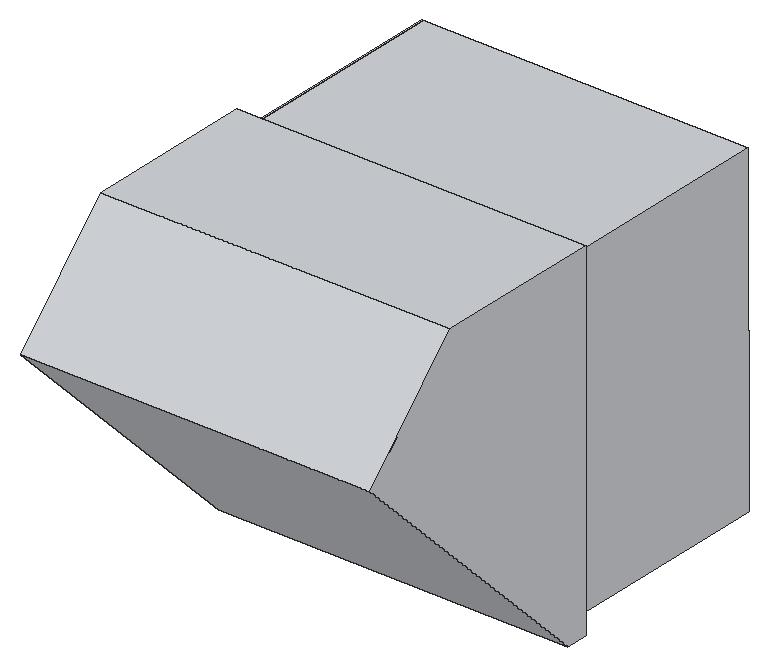
Revit family "APD", category Mechanical Equipment, Revit 2019
Family settings
  Round Connector Dimension = Use Diameter
  Part Type = Normal
  Work Plane-Based = No
  Always vertical = Yes
  Cut with Voids When Loaded = No
  Shared = No
  Room Calculation Point = No
Parameters (values of type "36_APD")
  WO_PAC = B_PAC + 0' 0 1/4"  # 3' - 7 1/4"
  WH_C = 4' - 1"
  WH_B/2 = WH_B / 2  # 1' - 11"
  WH_B = 3' - 10"
  WH_A = 2' - 11 11/16"
  WEATHER_HOOD [instance] = yes
  Unit Weight [instance] = ""
  Sones [instance] = ""
  SIZE/2 = SIZE / 2  # 1' - 6"
  SIZE = 3' - 0"
  Motor RPM [instance] = ""
  Motor Enclosure [instance] = ""
  ModelID [instance] = ""
  LwA [instance] = ""
  Fan RPM [instance] = ""
  D_PAC/2 = C + 0' 1"  # 0' - 8 3/8"
  D_PAC = 2' - 4 1/2"
  D/2 = D / 2  # 0' - 1 1/2"
  D = 0' - 3"
  C_PAC/2 = C_PAC / 2  # 1' - 7 3/4"
  C_PAC = 3' - 3 1/2"
  C/2 = C / 2  # 0' - 3 11/16"
  C = 0' - 7 3/8"
  B_PAC/2 = B_PAC / 2  # 1' - 9 1/2"
  B_PAC = 3' - 7"
  B/2 = B / 2  # 0' - 11"
  B = 1' - 10"
  Accessories [instance] = ""
  A_PAC/2 = A_PAC / 2  # 1' - 10 3/4"
  A_PAC = 3' - 9 1/2"
  A/7 = A / 7  # 0' - 6.02679"
  A/3.5 = A / 3.5  # 1' - 0.05357"
  A/2 = A / 2  # 1' - 9 3/32"
  A = 3' - 6 3/16"
  90 = 90.00°  # constant formula
  9" = 0' - 9"  # constant formula
  3" = 0' - 3"  # constant formula
  Brake Hp [instance] = ""
  4" = 0' - 4"  # constant formula
  2' = 2' - 0"
  2" = 0' - 2"  # constant formula
  135 = 135.00°  # constant formula
  1" = 0' - 1"  # constant formula
  0 = 0' - 0"  # constant formula
  Voltage [instance] = 0 V
  URL = "www.lorencook.com"
  Type Comments = "Axia-Pac Wall Exhaust Fan Cast Aluminum Propeller Direct Drive"  # constant formula
  Static Pressure [instance] = 0.00 in-wg
  Power [instance] = Voltage * Motor FLA * sqrt(if(Phase = 3, 3, 1))  # 0 VA
  Phase [instance] = 0
  Number of Poles [instance] = 1
  Motor Hp [instance] = "0"
  Motor FLA [instance] = 0 A
  Model = "APD"  # constant formula
  Manufacturer = "Loren Cook Company"
  CFM [instance] = 0 CFM
  1.5 = 0' - 1 1/2"  # constant formula
  HALF = 0' - 0 1/2"  # constant formula
  ONE EIGTH = 0' - 0 1/8"  # constant formula
  -WH_B/2 = -WH_B / 2  # -1' - 11"
  -D_PAC/2 = -D_PAC + 0' 1" + C  # -1' - 8 1/8"
  -D = -D  # -0' - 3"
  -C/2 = -C / 2  # -0' - 3 11/16"
  -B+1" = -B + 0' 1"  # -1' - 9"
  -B = -B  # -1' - 10"
  -((SIZE/2)-.25") = -((SIZE / 2) - 0' 0 1/4")  # -1' - 5 3/4"
  -((A/2)-C-.5") = -((A / 2) - C - 0' 0 1/2")  # -1' - 1 7/32"
  (SIZE/2)-.25" = (SIZE / 2) - 0' 0 1/4"  # 1' - 5 3/4"
  (A/2)-C-.5" = (A / 2) - C - 0' 0 1/2"  # 1' - 1 7/32"
  (A/2)-1" = (A / 2) - 0' 0 1/4"  # 1' - 8 27/32"
Types (7): name | WO_PAC | WH_C | WH_B/2 | WH_B | WH_A | SIZE/2 | SIZE | D_PAC/2 | D_PAC | D/2 | D | C_PAC/2 | C_PAC | C/2 | C | B_PAC/2 | B_PAC | B/2 | B | A_PAC/2 | A_PAC | A/7 | A/3.5 | A/2 | A | -WH_B/2 | -D_PAC/2 | -D | -C/2 | -B+1" | -B | -((SIZE/2)-.25") | -((A/2)-C-.5") | (SIZE/2)-.25" | (A/2)-C-.5" | (A/2)-1"
  (no name) | 3' - 7 1/4" | 4' - 1" | 1' - 11" | 3' - 10" | 2' - 11 11/16" | 1' - 6" | 3' - 0" | 0' - 8 3/8" | 2' - 4 1/2" | 0' - 1 1/2" | 0' - 3" | 1' - 7 3/4" | 3' - 3 1/2" | 0' - 3 11/16" | 0' - 7 3/8" | 1' - 9 1/2" | 3' - 7" | 0' - 11" | 1' - 10" | 1' - 10 3/4" | 3' - 9 1/2" | 0' - 6.02679" | 1' - 0.05357" | 1' - 9 3/32" | 3' - 6 3/16" | -1' - 11" | -1' - 8 1/8" | -0' - 3" | -0' - 3 11/16" | -1' - 9" | -1' - 10" | -1' - 5 3/4" | -1' - 1 7/32" | 1' - 5 3/4" | 1' - 1 7/32" | 1' - 8 27/32"
  12_APD | 1' - 5 1/4" | 2' - 1" | 0' - 11" | 1' - 10" | 1' - 6 11/16" | 0' - 6" | 1' - 0" | 0' - 4 1/4" | 1' - 5 3/4" | 0' - 1" | 0' - 2" | 0' - 7" | 1' - 2" | 0' - 1 5/8" | 0' - 3 1/4" | 0' - 8 1/2" | 1' - 5" | 0' - 7 11/16" | 1' - 3 3/8" | 0' - 9 3/4" | 1' - 7 1/2" | 0' - 2 5/16" | 0' - 4 5/8" | 0' - 8 3/32" | 1' - 4 3/16" | -0' - 11" | -1' - 1 1/2" | -0' - 2" | -0' - 1 5/8" | -1' - 2 3/8" | -1' - 3 3/8" | -0' - 5 3/4" | -0' - 4 11/32" | 0' - 5 3/4" | 0' - 4 11/32" | 0' - 7 27/32"
  16_APD | 1' - 9 1/4" | 2' - 5" | 1' - 1" | 2' - 2" | 1' - 9 11/16" | 0' - 8" | 1' - 4" | 0' - 5 1/2" | 1' - 10 1/8" | 0' - 1" | 0' - 2" | 0' - 9" | 1' - 6" | 0' - 2 1/4" | 0' - 4 1/2" | 0' - 10 1/2" | 1' - 9" | 0' - 7 1/16" | 1' - 2 1/8" | 0' - 11 3/4" | 1' - 11 1/2" | 0' - 2.88393" | 0' - 5.76786" | 0' - 10 3/32" | 1' - 8 3/16" | -1' - 1" | -1' - 4 5/8" | -0' - 2" | -0' - 2 1/4" | -1' - 1 1/8" | -1' - 2 1/8" | -0' - 7 3/4" | -0' - 5 3/32" | 0' - 7 3/4" | 0' - 5 3/32" | 0' - 9 27/32"
  20_APD | 2' - 1 1/4" | 2' - 9" | 1' - 3" | 2' - 6" | 2' - 0 3/8" | 0' - 10" | 1' - 8" | 0' - 6 1/4" | 1' - 11 1/8" | 0' - 1" | 0' - 2" | 0' - 11" | 1' - 10" | 0' - 2 5/8" | 0' - 5 1/4" | 1' - 0 1/2" | 2' - 1" | 0' - 7 1/16" | 1' - 2 1/8" | 1' - 1 3/4" | 2' - 3 1/2" | 0' - 3.45536" | 0' - 6.91071" | 1' - 0 3/32" | 2' - 0 3/16" | -1' - 3" | -1' - 4 7/8" | -0' - 2" | -0' - 2 5/8" | -1' - 1 1/8" | -1' - 2 1/8" | -0' - 9 3/4" | -0' - 6 11/32" | 0' - 9 3/4" | 0' - 6 11/32" | 0' - 11 27/32"
  24_APD | 2' - 7 1/4" | 3' - 1" | 1' - 5" | 2' - 10" | 2' - 3 1/8" | 1' - 0" | 2' - 0" | 0' - 7 3/4" | 1' - 11 1/8" | 0' - 1" | 0' - 2" | 1' - 1 3/4" | 2' - 3 1/2" | 0' - 3 3/8" | 0' - 6 3/4" | 1' - 3 1/2" | 2' - 7" | 0' - 7 5/16" | 1' - 2 5/8" | 1' - 4 3/4" | 2' - 9 1/2" | 0' - 4 5/16" | 0' - 8 5/8" | 1' - 3 3/32" | 2' - 6 3/16" | -1' - 5" | -1' - 3 3/8" | -0' - 2" | -0' - 3 3/8" | -1' - 1 5/8" | -1' - 2 5/8" | -0' - 11 3/4" | -0' - 7 27/32" | 0' - 11 3/4" | 0' - 7 27/32" | 1' - 2 27/32"
  30_APD | 3' - 1 1/4" | 3' - 7" | 1' - 8" | 3' - 4" | 2' - 7 7/16" | 1' - 3" | 2' - 6" | 0' - 7 3/4" | 2' - 0 1/2" | 0' - 1 1/2" | 0' - 3" | 1' - 4 3/4" | 2' - 9 1/2" | 0' - 3 3/8" | 0' - 6 3/4" | 1' - 6 1/2" | 3' - 1" | 0' - 7 5/16" | 1' - 2 5/8" | 1' - 7 3/4" | 3' - 3 1/2" | 0' - 5.16964" | 0' - 10.33929" | 1' - 6 3/32" | 3' - 0 3/16" | -1' - 8" | -1' - 4 3/4" | -0' - 3" | -0' - 3 3/8" | -1' - 1 5/8" | -1' - 2 5/8" | -1' - 2 3/4" | -0' - 10 27/32" | 1' - 2 3/4" | 0' - 10 27/32" | 1' - 5 27/32"
  36_APD | 3' - 7 1/4" | 4' - 1" | 1' - 11" | 3' - 10" | 2' - 11 11/16" | 1' - 6" | 3' - 0" | 0' - 8 3/8" | 2' - 4 1/2" | 0' - 1 1/2" | 0' - 3" | 1' - 7 3/4" | 3' - 3 1/2" | 0' - 3 11/16" | 0' - 7 3/8" | 1' - 9 1/2" | 3' - 7" | 0' - 11" | 1' - 10" | 1' - 10 3/4" | 3' - 9 1/2" | 0' - 6.02679" | 1' - 0.05357" | 1' - 9 3/32" | 3' - 6 3/16" | -1' - 11" | -1' - 8 1/8" | -0' - 3" | -0' - 3 11/16" | -1' - 9" | -1' - 10" | -1' - 5 3/4" | -1' - 1 7/32" | 1' - 5 3/4" | 1' - 1 7/32" | 1' - 8 27/32"
Reference planes (in)
  plane 1 "Center (Front/Back)": y = 0
  plane 2: z = 0
  plane 3 "Center (Left/Right)": x = 0.40541
Forms (in)
  Revolve 1, solid
    sketch origin (0.40541, 0, 0) x (0, 1, 0) y (0, 0, 1)
      loop
        line (-4.6875, 3.6875) -> (-4.6875, 0) -> (-3.6875, 0) -> (-3.6875, 3.6875) -> (-4.6875, 3.6875)
      axis (-4.6875, 0) -> (-3.6875, 0)
    angle from 0 to 360
  Extrusion 2, solid
    sketch origin (0.40541, 0, 0) x (0, 1, 0) y (0, 0, 1)
      loop
        line (0, -3.6875) -> (-7.375, 3.6875) -> (-7.46339, 3.59911) -> (-0.08839, -3.77589) -> (0, -3.6875)
    from 30 to 3.6875 <- "C/2"
  Extrusion 3, solid
    sketch origin (0.40541, 0, 0) x (0, 1, 0) y (-1, 0, 0)
      loop
        line (0, -3.6875) -> (-7.375, 3.6875) -> (-7.46339, 3.59911) -> (-0.08839, -3.77589) -> (0, -3.6875)
    from 30 to 3.6875 <- "C/2"
  Extrusion 4, solid
    sketch origin (0.40541, 0, 0) x (0, 1, 0) y (0, 0, -1)
      loop
        line (0, -3.6875) -> (-7.375, 3.6875) -> (-7.46339, 3.59911) -> (-0.08839, -3.77589) -> (0, -3.6875)
    from 30 to 3.6875 <- "C/2"
  Extrusion 5, solid
    sketch origin (0.40541, 0, 0) x (1, 0, 0) y (0, 1, 0)
      loop
        line (-3.6875, 0) -> (-3.77589, -0.08839) -> (3.59911, -7.46339) -> (3.6875, -7.375) -> (-3.6875, 0)
    from -30 to -3.6875 <- "-C/2"
  Extrusion 6, void
    sketch origin (0, 0, 0) x (1, 0, 0) y (0, 0, 1)
      loop
        circle (0.40541, 0) r 17.75
      loop
        circle (0.40541, 0) r 40
    from 0 to 9 <- "9""
  Extrusion 7, solid
    sketch origin (0, 0, 0) x (1, 0, 0) y (0, 0, 1)
      loop
        line (-20.68834, 21.09375) -> (-20.68834, -21.09375) -> (21.49916, -21.09375) -> (21.49916, 21.09375) -> (-20.68834, 21.09375)
      loop
        circle (0.40541, 0) r 20.84375
    from 0 to -0.125
  Extrusion 8, solid
    sketch origin (0, 0, 0) x (1, 0, 0) y (0, 0, 1)
      loop
        line (-20.68834, 21.09375) -> (-20.68834, -21.09375) -> (21.49916, -21.09375) -> (21.49916, 21.09375) -> (-20.68834, 21.09375)
      loop
        line (21.37416, -20.96875) -> (21.37416, 20.96875) -> (-20.56334, 20.96875) -> (-20.56334, -20.96875) -> (21.37416, -20.96875)
    from 0 to -3 <- "-D"
  Extrusion 9, solid
    sketch origin (0, 0, 0) x (1, 0, 0) y (0, 0, 1)
      loop
        circle (0.40541, 0) r 6.02679
    from 0 to -21 <- "-B+1""
  Extrusion 10, solid
    sketch origin (0, 0, 0) x (1, 0, 0) y (0, 0, 1)
      loop
        line (-11.64816, -6.02679) -> (-11.64816, -7.52679) -> (12.45898, -7.52679) -> (12.45898, -6.02679) -> (-11.64816, -6.02679)
    from 0 to -22 <- "-B"
  Sweep 11, solid
    path origin (0.40541, 0, 0) x (0, 1, 0) y (0, 0, 1)
      loop
        line (0.125, 19.96875) -> (17, 19.96875)
        arc (17, 19.96875) -> (19.12132, 19.09007) -> (20, 16.96875) r 3
        line (20, 16.96875) -> (20, -16.96875)
        arc (20, -16.96875) -> (19.12132, -19.09007) -> (17, -19.96875) r 3
        line (17, -19.96875) -> (0.125, -19.96875)
    profile origin (0.40541, 8.5625, 19.96875) x (0, 0, 1) y (1, 0, 0)
      loop
        circle (0, -12.55357) r 0.5
      loop
        circle (0, 12.55357) r 0.5
  Revolve 12, solid
    sketch origin (0.40541, 0, 0) x (0, 1, 0) y (0, 0, 1)
      loop
        line (0, 20.84375) -> (-7.375, 18) -> (0, 18) -> (0, 20.84375)
      axis (-7.375, 0) -> (0, 0)
    angle from 0 to 360
  Extrusion 13, solid
    sketch origin (0, 0, 0) x (1, 0, 0) y (0, 0, 1)
      loop
        line (-20.96959, 21.375) -> (-20.96959, -21.375) -> (21.78041, -21.375) -> (21.78041, 21.375) -> (-20.96959, 21.375)
      loop
        line (21.90541, -21.5) -> (21.90541, 21.5) -> (-21.09459, 21.5) -> (-21.09459, -21.5) -> (21.90541, -21.5)
    from -20.125 <- "-D_PAC/2" to 8.375 <- "D_PAC/2"
  Extrusion 14, solid
    sketch origin (0, -8.375, 0) x (1, 0, 0) y (0, 0, 1)
      loop
        line (-19.34459, 19.75) -> (-19.34459, -19.75) -> (20.15541, -19.75) -> (20.15541, 19.75) -> (-19.34459, 19.75)
      loop
        line (23.15541, -22.75) -> (23.15541, 22.75) -> (-22.34459, 22.75) -> (-22.34459, -22.75) -> (23.15541, -22.75)
    from 0 to 0.125
  Extrusion 15, solid
    sketch origin (0, -8.5, 0) x (1, 0, 0) y (0, 0, 1)
      loop
        line (-17.34459, 17.75) -> (-17.34459, -17.75) -> (18.15541, -17.75) -> (18.15541, 17.75) -> (-17.34459, 17.75)
      loop
        line (20.15541, -19.75) -> (20.15541, 19.75) -> (-19.34459, 19.75) -> (-19.34459, -19.75) -> (20.15541, -19.75)
    from 0 to 2
  Extrusion 16, solid, visible <- "WEATHER_HOOD"
    sketch origin (0.40541, 0, 0) x (0, 1, 0) y (0, 0, 1)
      loop
        line (-8.5, 23) -> (-30.875, 23) -> (-44.1875, 9.6875) -> (-11.5, -23) -> (-8.5, -23) -> (-8.5, 23)
    from 23 <- "WH_B/2" to -23 <- "-WH_B/2"
Cuts and joins
  Extrusion 6 cuts Revolve 1
  Extrusion 6 cuts Extrusion 2
  Extrusion 6 cuts Extrusion 3
  Extrusion 6 cuts Extrusion 4
  Extrusion 6 cuts Extrusion 5
Dimensions and locks (in)
  "0": Revolve 1 sketch curve to level  (x2)
  "C/2": Revolve 1 sketch curve to level
  "C/2": plane 1 "Center (Front/Back)" to Revolve 1 sketch curve
  "1"": Revolve 1 sketch curve to Revolve 1 sketch curve
  "0": Extrusion 2 sketch curve to plane 1 "Center (Front/Back)"
  "C": plane 1 "Center (Front/Back)" to Extrusion 2 sketch curve
  "C/2": Extrusion 2 sketch curve to level
  "C/2": level to Extrusion 2 sketch curve
  "ONE EIGTH": Extrusion 2 sketch curve to Extrusion 2 sketch curve
  "ONE EIGTH": Extrusion 3 sketch curve to Extrusion 3 sketch curve
  "ONE EIGTH": Extrusion 4 sketch curve to Extrusion 4 sketch curve
  "ONE EIGTH": Extrusion 5 sketch curve to Extrusion 5 sketch curve
  Extrusion 6 sketch curve to plane 3 "Center (Left/Right)" = 0' - 0"  (x2)
  level to Extrusion 6 sketch curve = 0' - 0"
  Extrusion 6 sketch curve to level = 0' - 0"
  "0": Extrusion 3 sketch curve to plane 1 "Center (Front/Back)"
  "C": Extrusion 3 sketch curve to plane 1 "Center (Front/Back)"
  "C/2": plane 3 "Center (Left/Right)" to Extrusion 3 sketch curve
  "C/2": Extrusion 3 sketch curve to plane 3 "Center (Left/Right)"
  "C": plane 1 "Center (Front/Back)" to Extrusion 4 sketch curve
  "0": Extrusion 4 sketch curve to plane 1 "Center (Front/Back)"
  "C/2": level to Extrusion 4 sketch curve
  "C/2": Extrusion 4 sketch curve to level
  "0": Extrusion 5 sketch curve to plane 1 "Center (Front/Back)"
  "C": Extrusion 5 sketch curve to plane 1 "Center (Front/Back)"
  "C/2": plane 3 "Center (Left/Right)" to Extrusion 5 sketch curve
  "C/2": Extrusion 5 sketch curve to plane 3 "Center (Left/Right)"
  "A/2": plane 3 "Center (Left/Right)" to Extrusion 7 sketch curve
  "A/2": Extrusion 7 sketch curve to plane 3 "Center (Left/Right)"
  "A/2": Extrusion 7 sketch curve to level
  "A/2": level to Extrusion 7 sketch curve
  "0": Extrusion 7 sketch curve to level
  "0": Extrusion 7 sketch curve to plane 3 "Center (Left/Right)"
  "ONE EIGTH": Extrusion 8 sketch curve to Extrusion 8 sketch curve  (x4)
  "A/2": plane 3 "Center (Left/Right)" to Extrusion 8 sketch curve  (x2)
  "A/2": level to Extrusion 8 sketch curve
  "A/2": Extrusion 8 sketch curve to level
  "0": Extrusion 9 sketch curve to level
  "0": Extrusion 9 sketch curve to plane 3 "Center (Left/Right)"
  "A/7": level to Extrusion 10 sketch curve
  "1.5": Extrusion 10 sketch curve to Extrusion 10 sketch curve
  "A/3.5": Extrusion 10 sketch curve to plane 3 "Center (Left/Right)"
  "A/3.5": plane 3 "Center (Left/Right)" to Extrusion 10 sketch curve
  "1"": Extrusion 9 to Sweep 11 sketch curve
  "ONE EIGTH": Sweep 11 sketch curve to plane 1 "Center (Front/Back)"  (x2)
  "1"": Extrusion 8 to Sweep 11 sketch curve  (x2)
  "0": Sweep 11 sketch curve to profile plane  (x2)
  "HALF": Sweep 11 sketch curve to Extrusion 10  (x2)
  "0": Revolve 12 sketch curve to plane 1 "Center (Front/Back)"
  "(A/2)-1"": Revolve 12 sketch curve to level
  "SIZE/2": Revolve 12 sketch curve to level
  "0": Revolve 12 sketch curve to level
  "C": plane 1 "Center (Front/Back)" to Revolve 12 sketch curve
  "ONE EIGTH": Extrusion 13 sketch curve to Extrusion 13 sketch curve  (x4)
  "B_PAC/2": level to Extrusion 13 sketch curve
  "B_PAC/2": Extrusion 13 sketch curve to level
  "B_PAC/2": plane 3 "Center (Left/Right)" to Extrusion 13 sketch curve  (x2)
  "C_PAC/2": Extrusion 14 sketch curve to level
  "C_PAC/2": level to Extrusion 14 sketch curve
  "A_PAC/2": level to Extrusion 14 sketch curve
  "A_PAC/2": Extrusion 14 sketch curve to level
  "A_PAC/2": plane 3 "Center (Left/Right)" to Extrusion 14 sketch curve
  "A_PAC/2": Extrusion 14 sketch curve to plane 3 "Center (Left/Right)"
  "C_PAC/2": plane 3 "Center (Left/Right)" to Extrusion 14 sketch curve  (x2)
  "2"": Extrusion 15 sketch curve to Extrusion 15 sketch curve  (x3)
  "C_PAC/2": Extrusion 15 sketch curve to level
  "C_PAC/2": level to Extrusion 15 sketch curve
  "C_PAC/2": plane 3 "Center (Left/Right)" to Extrusion 15 sketch curve
  "C_PAC/2": Extrusion 15 sketch curve to plane 3 "Center (Left/Right)"
  "2"": Extrusion 15 sketch curve to Extrusion 14
  "0": Extrusion 14 to Extrusion 16 sketch curve
  "3"": Extrusion 16 sketch curve to Extrusion 16 sketch curve
  "WH_A": Extrusion 16 sketch curve to Extrusion 16 sketch curve
  "WH_B/2": Extrusion 16 sketch curve to level  (x2)
  "(SIZE/2)-.25"": radius of Extrusion 6 sketch curve
  "(A/2)-1"": radius of Extrusion 7 sketch curve
  "A/7": radius of Extrusion 9 sketch curve
  "3"": radius of Sweep 11 sketch curve  (x2)
  "HALF": radius of Sweep 11 sketch curve  (x2)
  "135": angle Extrusion 16 sketch curve to Extrusion 16 sketch curve
  "90": angle Extrusion 16 sketch curve to Extrusion 16 sketch curve
Automatic sketch dimensions
  Revolve 1 sketch curve to plane 1 "Center (Front/Back)" = 0' - 0"
  Revolve 1 sketch curve to Revolve 1 sketch curve = 2' - 2"
  plane 1 "Center (Front/Back)" to Revolve 12 sketch curve = 0' - 1.80178"
  Revolve 12 sketch curve to Revolve 12 sketch curve = 0' - 1.44822"
  radius of Extrusion 6 sketch curve = 3' - 4"
Connectors (in)
  electrical at (0.40541, 21, 0)
    settings: on Extrusion 9, index 2, voltage 0 V, apparent load 0 VA, apparent load phase1 0 VA, apparent load phase2 0 VA, apparent load phase3 0 VA, power factor 1, load classification "Other", number of poles 1, system type 30, power factor state 1, is connector primary yes, connector utility no, sub classification motor no, connector description ""
  hvac at (0.40541, -10.5, 0), driven by "CFM", driven by "WO_PAC", driven by "WO_PAC"
    settings: on Extrusion 15, index 3, duct flow 0 CFM, flow factor 0, pres drop 0.00 in-wg, loss coef 0, conn angle 0.00°, conn width 43 1/4", conn height 43 1/4", conn diameter 24", duct sys type 3, conn prof type 1, flow config 0, flow direction 2, loss method 0, conn ref index -1, conn util no, is conn primary yes, conn desc ""
  hvac at (0.40541, 20.125, 0), driven by "CFM", driven by "WO_PAC", driven by "WO_PAC"
    settings: on Extrusion 13, index 4, duct flow 0 CFM, flow factor 0, pres drop 0.00 in-wg, loss coef 0, conn angle 0.00°, conn width 43 1/4", conn height 43 1/4", conn diameter 24", duct sys type 3, conn prof type 1, flow config 0, flow direction 1, loss method 0, conn ref index -1, conn util no, is conn primary no, conn desc ""
